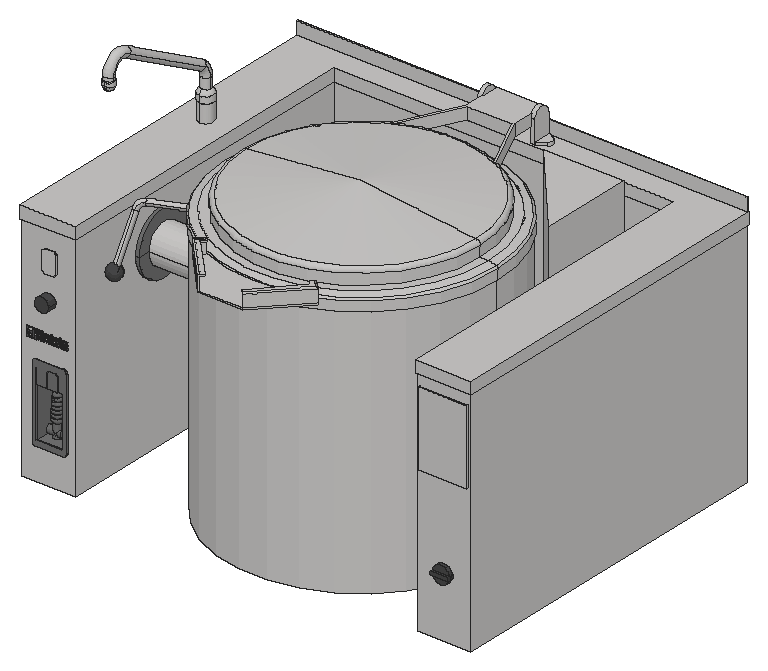
Revit family "QF_ELECTROLUXPROFESSIONAL_586945_PBOT15GQCS", category Specialty Equipment, Revit 2018 (continued)
Automatic sketch dimensions
  Extrusion 25 sketch curve to Extrusion 25 sketch curve = 1.752 mm
  Extrusion 25 sketch curve to Extrusion 25 sketch curve = 0.182 mm  (x2)
  Extrusion 25 sketch curve to Extrusion 25 sketch curve = 0.93 mm
  Extrusion 25 sketch curve to Extrusion 25 sketch curve = 0.155 mm  (x2)
  Extrusion 25 sketch curve to Extrusion 25 sketch curve = 0.996 mm
  Extrusion 25 sketch curve to Extrusion 25 sketch curve = 0.297 mm  (x2)
  Extrusion 25 sketch curve to Extrusion 25 sketch curve = 2.359 mm
  Extrusion 25 sketch curve to Extrusion 25 sketch curve = 0.839 mm
  Extrusion 25 sketch curve to Extrusion 25 sketch curve = 0.892 mm  (x2)
  Extrusion 25 sketch curve to Extrusion 25 sketch curve = 0.563 mm
  Extrusion 25 sketch curve to Extrusion 25 sketch curve = 1.037 mm
  Extrusion 25 sketch curve to Extrusion 25 sketch curve = 0.531 mm  (x2)
  Extrusion 25 sketch curve to Extrusion 25 sketch curve = 0.068 mm  (x2)
  Extrusion 25 sketch curve to Extrusion 25 sketch curve = 0.203 mm
  Extrusion 25 sketch curve to Extrusion 25 sketch curve = 0.107 mm  (x2)
  Extrusion 25 sketch curve to Extrusion 25 sketch curve = 1.305 mm
  Extrusion 25 sketch curve to Extrusion 25 sketch curve = 1.058 mm
  Extrusion 25 sketch curve to Extrusion 25 sketch curve = 0.365 mm
  Extrusion 25 sketch curve to Extrusion 25 sketch curve = 0.15 mm  (x2)
  Extrusion 25 sketch curve to Extrusion 25 sketch curve = 0.475 mm
  Extrusion 25 sketch curve to Extrusion 25 sketch curve = 0.292 mm
  Extrusion 25 sketch curve to Extrusion 25 sketch curve = 0.434 mm  (x2)
  Extrusion 25 sketch curve to Extrusion 25 sketch curve = 0.385 mm  (x2)
  Extrusion 25 sketch curve to Extrusion 25 sketch curve = 2.117 mm
  Extrusion 25 sketch curve to Extrusion 25 sketch curve = 0.295 mm  (x2)
  Extrusion 25 sketch curve to Extrusion 25 sketch curve = 0.968 mm
  Extrusion 25 sketch curve to Extrusion 25 sketch curve = 3.826 mm
  Extrusion 25 sketch curve to Extrusion 25 sketch curve = 1.018 mm  (x2)
  Extrusion 25 sketch curve to Extrusion 25 sketch curve = 4.718 mm
  Extrusion 25 sketch curve to Extrusion 25 sketch curve = 2.967 mm
  Extrusion 25 sketch curve to Extrusion 25 sketch curve = 1.662 mm
  Extrusion 25 sketch curve to Extrusion 25 sketch curve = 1.626 mm  (x3)
  Extrusion 25 sketch curve to Extrusion 25 sketch curve = 1.65 mm
  Extrusion 25 sketch curve to Extrusion 25 sketch curve = 1.192 mm
  Extrusion 25 sketch curve to Extrusion 25 sketch curve = 2.57 mm  (x2)
  Extrusion 25 sketch curve to Extrusion 25 sketch curve = 3.444 mm  (x2)
  Extrusion 25 sketch curve to Extrusion 25 sketch curve = 1.343 mm  (x2)
  Extrusion 25 sketch curve to Extrusion 25 sketch curve = 1.353 mm  (x2)
  Extrusion 25 sketch curve to Extrusion 25 sketch curve = 0.027 mm  (x2)
  Extrusion 25 sketch curve to Extrusion 25 sketch curve = 0.395 mm  (x2)
  Extrusion 25 sketch curve to Extrusion 25 sketch curve = 0.329 mm  (x2)
  Extrusion 25 sketch curve to Extrusion 25 sketch curve = 0.425 mm  (x2)
  Extrusion 25 sketch curve to Extrusion 25 sketch curve = 0.051 mm  (x2)
  Extrusion 25 sketch curve to Extrusion 25 sketch curve = 0.495 mm  (x2)
  Extrusion 25 sketch curve to Extrusion 25 sketch curve = 0.267 mm  (x2)
  Extrusion 25 sketch curve to Extrusion 25 sketch curve = 1.4 mm
  Extrusion 25 sketch curve to Extrusion 25 sketch curve = 5.233 mm
  Extrusion 25 sketch curve to Extrusion 25 sketch curve = 2.062 mm
  plane 3 "LEFT" to Extrusion 26 sketch curve = 43.4 mm
  Extrusion 26 sketch curve to Extrusion 26 sketch curve = 82 mm
  plane 7 to Extrusion 26 sketch curve = 105.944 mm
  Extrusion 26 sketch curve to Extrusion 26 sketch curve = 195 mm
  Extrusion 27 sketch curve to plane 6 "TOP" = 0 mm
  Extrusion 27 sketch curve to plane 1 "BACK" = 0 mm
  Extrusion 27 sketch curve to Extrusion 27 sketch curve = 2 mm
  Extrusion 27 sketch curve to Extrusion 27 sketch curve = 37.998 mm
  curve 47 to curve 17 = 2 mm
  Extrusion 21 sketch curve to Extrusion 21 sketch curve = 0 mm
  radius of Extrusion 4 sketch curve = 10 mm
  radius of Extrusion 16 sketch curve = 25 mm
  radius of curve 38 = 25 mm
  radius of Extrusion 18 sketch curve = 20 mm
  radius of Extrusion 21 sketch curve = 6.35 mm  (x2)
  radius of Extrusion 21 sketch curve = 12.7 mm
  radius of Extrusion 25 sketch curve = 2.453 mm
  radius of Extrusion 25 sketch curve = 1.557 mm
  radius of Extrusion 25 sketch curve = 1.468 mm
  radius of Extrusion 25 sketch curve = 2.451 mm
Nested families
  nested 1: "Electrolux_Handle" at (340.415, -646.592, 23.642) x (0.9205, 0.3907, 0) z (0, 0, 1), type "Family1"
  nested 2: "QF_ELECTROLUXPROFESSIONAL_RubSprint" at (80, -230.346, 900), type "QF_ELECTROLUXPROFESSIONAL_RubSprint"
  nested 3: "QF_ELECTROLUXPROFESSIONAL_SprayGun" at (80.4, -737, 291.944), type "QF_ELECTROLUXPROFESSIONAL_SprayGun"
Connectors
  electrical at (1220, 200, 450), driven by "Volts"
    settings: on Extrusion 4, index 1, voltage 230 V, apparent load 300 VA, apparent load phase1 0 VA, apparent load phase2 0 VA, apparent load phase3 0 VA, power factor 1, load classification "Other", number of poles 1, system type 30, power factor state 1, is connector primary yes, connector utility no, sub classification motor no, connector description "Electrical Connection"
  piping at (110.571, 200, 395), diameter 12.7
    settings: on Extrusion 21, index 2, connector inside diameter 1/2", connector length 0 mm, flow factor 0, pipe flow 0 GPM, pressure drop 0.00 psi, fitting loss kfactor 0, connector angle 0.00°, fixture units 0, engagement length 0 mm, angle of deflection 0.00°, flow configuration 1, flow direction 1, fitting loss method 0, system type 20, joint type 0, gender type 0, connector reference index -1, connector utility 0, adjustable connector no, is connector primary yes, connector description "Cold Water Inlet"
  piping at (50, 200, 395), diameter 12.7
    settings: on Extrusion 21, index 3, connector inside diameter 1/2", connector length 0 mm, flow factor 0, pipe flow 0 GPM, pressure drop 0.00 psi, fitting loss kfactor 0, connector angle 0.00°, fixture units 0, engagement length 0 mm, angle of deflection 0.00°, flow configuration 1, flow direction 1, fitting loss method 0, system type 19, joint type 0, gender type 0, connector reference index -1, connector utility 0, adjustable connector no, is connector primary no, connector description "Hot Water Inlet"
  piping at (80.571, 200, 345), diameter 25.4
    settings: on Extrusion 21, index 4, connector inside diameter 1", connector length 0 mm, flow factor 0, pipe flow 0 GPM, pressure drop 0.00 psi, fitting loss kfactor 0, connector angle 0.00°, fixture units 0, engagement length 0 mm, angle of deflection 0.00°, flow configuration 1, flow direction 1, fitting loss method 0, system type 7, joint type 0, gender type 0, connector reference index -1, connector utility 0, adjustable connector no, is connector primary no, connector description "Gas Connection"
Definition of nested family "Electrolux_Handle"
  Parameters
    Assembly Code = ""
  Reference planes
    plane 1 "Center (Front/Back)": y = 0
    plane 2: z = 0
    plane 3 "Center (Left/Right)": x = 0
  Forms (mm)
    Sweep 1, solid
      path origin (0, -272.67, 40.751) x (1, 0, 0) y (0, 0.292372, 0.956305)
        loop
          line (16.511, 924.614) -> (-78.489, 924.614)
          arc (-78.489, 924.614) -> (-94.127, 919.229) -> (-103.135, 905.359) r 25.4
          line (-103.135, 905.359) -> (-140.724, 754.597)
      profile origin (-30.989, -2.339, 924.963) x (0, -0.292372, -0.956305) y (0, -0.956305, 0.292372)
        loop
          circle (0, 0) r 8
    Revolve 2, solid
      sketch origin (0, -272.67, 40.751) x (1, 0, 0) y (0, 0.292372, 0.956305)
        loop
          arc (-160.764, 759.594) -> (-145.72, 734.557) -> (-120.683, 749.601) r 20.654
          line (-120.683, 749.601) -> (-160.764, 759.594)
        axis (-120.683, 749.601) -> (-160.764, 759.594)
      angle from 0 to 360
  Lines and regions (mm)
    symbolic lines
      curve 1: line (16.511, 5.661, 0) -> (-87.322, 5.661, 0)
      curve 2: line (16.511, -9.989, 0) -> (-86.193, -9.989, 0)
      curve 3: line (-133.697, -56.773, 0) -> (-97.513, -15.149, 0)
      curve 4: line (-146.568, -45.584, 0) -> (-111.666, -5.433, 0)
      curve 5: arc (-135.59, -32.955, 0) -> (-154.333, -67.194, 0) -> (-122.78, -44.215, 0) r 20
      curve 6: arc (-146.568, -45.584, 0) -> (-145.727, -57.614, 0) -> (-133.697, -56.773, 0) r 8.527
      curve 7: arc (-87.322, 5.661, 0) -> (-100.698, 2.757, 0) -> (-111.666, -5.433, 0) r 32.256
      curve 8: arc (-86.193, -9.989, 0) -> (-92.413, -11.34, 0) -> (-97.513, -15.149, 0) r 15
  Dimensions and locks
    aligned and locked: level to plane 2
    aligned and locked: Revolve 2 sketch curve to Sweep 1  (x2)
    aligned and locked: curve 1 to Sweep 1
    aligned and locked: Sweep 1 to curve 2
Definition of nested family "QF_ELECTROLUXPROFESSIONAL_RubSprint"
  Reference planes
    plane 1 "Center (Front/Back)": y = 0
    plane 2: z = 0
    plane 3 "Center (Left/Right)": x = 0
  Forms (mm)
    Revolve 1, solid
      sketch origin (0, 0, 0) x (0, 1, 0) y (0, 0, 1)
        loop
          line (-21, 0) -> (0, 0) -> (0, 82.75) -> (-14.385, 82.75)
          arc (-14.385, 82.75) -> (-19.409, 76.68) -> (-22.385, 69.383) r 26
          line (-22.385, 69.383) -> (-22.385, 51.306) -> (-21, 50.388) -> (-21, 0)
        axis (0, 82.75) -> (0, 0)
      angle from 0 to 360
    Sweep 2, solid
      path origin (0, 0, 0) x (0, 1, 0) y (0, 0, 1)
        loop
          line (0, 82.75) -> (0, 113.75)
          arc (0, 113.75) -> (-5.44, 133.889) -> (-20.279, 148.551) r 40
          line (-20.279, 148.551) -> (-290.279, 301.55)
          arc (-290.279, 301.55) -> (-330.139, 301.31) -> (-349.999, 266.749) r 40
          line (-349.999, 266.749) -> (-349.999, 257.884)
      profile origin (0, 0, 98.25) x (0, -1, 0) y (1, 0, 0)
        loop
          circle (0, 0) r 13.5
    Revolve 3, solid
      sketch origin (0, 0, 0) x (0, 1, 0) y (0, 0, 1)
        loop
          line (-333.717, 244.264) -> (-333.717, 254.236)
          arc (-333.717, 254.236) -> (-334.434, 255.758) -> (-335.779, 256.77) r 3.5
          line (-335.779, 256.77) -> (-336.499, 257.884) -> (-349.999, 257.884) -> (-349.999, 233.05) -> (-339.2, 233.05)
          arc (-339.2, 233.05) -> (-338.052, 233.411) -> (-337.32, 234.365) r 2
          line (-337.32, 234.365) -> (-333.717, 244.264)
        axis (-349.999, 257.884) -> (-349.999, 233.05)
      angle from 0 to 360
  Lines and regions (mm)
    symbolic lines
      curve 1: arc (-13.5, -17.856, 0) -> (0, 22.385, 0) -> (13.5, -17.856, 0) r 22.385
      curve 2: arc (-13.5, 0, 0) -> (0, 13.5, 0) -> (13.5, 0, 0) r 13.5
      curve 3: arc (-13.5, -349.999, 0) -> (0, -363.499, 0) -> (13.5, -349.999, 0) r 13.5
      curve 4: arc (-13.5, -340.897, 0) -> (0, -366.281, 0) -> (13.5, -340.897, 0) r 16.282
      curve 5: line (13.5, -349.999, 0) -> (13.5, 0, 0)
      curve 6: line (-13.5, -349.999, 0) -> (-13.5, 0, 0)
  Dimensions and locks
    aligned and locked: level to plane 2
Definition of nested family "QF_ELECTROLUXPROFESSIONAL_SprayGun"
  Reference planes
    plane 1 "Center (Front/Back)": y = 0
    plane 2: z = 0
    plane 3 "SGy": x = 13
    plane 4 "AxeZ": y = -45
    plane 5 "Center (Left/Right)": x = 4
    plane 6 "Center (Top/Right)": z = 112.5
  Forms (mm)
    Revolve 1, solid
      sketch origin (0, -45, 0) x (0, 0, 1) y (-1, 0, 0)
        loop
          line (73.98, -1.423) -> (33.98, -1.423) -> (33.98, -13) -> (151.7, -13) -> (151.7, -4.362)
          arc (151.7, -4.362) -> (147.093, -1.396) -> (141.64, -1.926) r 8.345
          arc (141.64, -1.926) -> (140.226, -2.024) -> (139.103, -1.16) r 2
          arc (139.103, -1.16) -> (138.832, -0.814) -> (138.493, -0.536) r 2
          arc (138.493, -0.536) -> (134.77, 0.557) -> (131.061, -0.581) r 6.745
          arc (131.061, -0.581) -> (129.812, -0.914) -> (128.62, -0.414) r 2
          arc (128.62, -0.414) -> (124.347, 1.338) -> (119.917, 0.035) r 6.972
          arc (119.917, 0.035) -> (118.79, -0.341) -> (117.648, -0.011) r 2
          arc (117.648, -0.011) -> (113.81, 1.188) -> (109.921, 0.166) r 7.275
          arc (109.921, 0.166) -> (108.725, -0.109) -> (107.594, 0.367) r 2
          arc (107.594, 0.367) -> (103.55, 1.928) -> (99.427, 0.587) r 6.475
          arc (99.427, 0.587) -> (98.262, 0.173) -> (97.076, 0.524) r 2
          arc (97.076, 0.524) -> (92.711, 1.941) -> (88.277, 0.758) r 8.094
          arc (88.277, 0.758) -> (87.212, 0.464) -> (86.153, 0.781) r 2
          arc (86.153, 0.781) -> (79.633, 2.075) -> (73.98, -1.423) r 9.075
        axis (151.7, -13) -> (33.98, -13)
      angle from 0 to 360
    Revolve 2, solid
      sketch origin (0, -45, 0) x (0, 0, 1) y (-1, 0, 0)
        loop
          line (47.58, 11.558) -> (40.98, 11.558) -> (40.98, 9.577) -> (35.98, 9.577) -> (35.98, -30.423) -> (40.98, -30.423) -> (40.98, -35.423) -> (47.58, -35.423) -> (47.58, 11.558)
        axis (47.58, 11.558) -> (47.58, -35.423)
      angle from 0 to 360
    Extrusion 3, solid
      sketch origin (0, -45, 0) x (1, 0, 0) y (0, 1, 0)
        loop
          line (21.638, 0) -> (17.319, 7.481) -> (8.681, 7.481) -> (4.362, 0) -> (8.681, -7.481) -> (17.319, -7.481) -> (21.638, 0)
      from 151.7 to 160.974
    Extrusion 4, solid
      sketch origin (0, 0, 0) x (1, 0, 0) y (0, 0, 1)
        loop
          arc (-45, 10) -> (-42.071, 2.929) -> (-35, 0) r 10
          line (-35, 0) -> (43, 0)
          arc (43, 0) -> (50.071, 2.929) -> (53, 10) r 10
          line (53, 10) -> (53, 215)
          arc (53, 215) -> (50.071, 222.071) -> (43, 225) r 10
          line (43, 225) -> (-35, 225)
          arc (-35, 225) -> (-42.071, 222.071) -> (-45, 215) r 10
          line (-45, 215) -> (-45, 10)
        loop
          line (-35, 162) -> (-35, 16) -> (43, 16) -> (43, 162) -> (29, 162) -> (29, 199)
          arc (29, 199) -> (26.657, 204.657) -> (21, 207) r 8
          line (21, 207) -> (5, 207)
          arc (5, 207) -> (-0.657, 204.657) -> (-3, 199) r 8
          line (-3, 199) -> (-3, 162) -> (-35, 162)
      from 63 to 60
    Extrusion 5, solid
      sketch origin (0, 0, 0) x (1, 0, 0) y (0, 0, 1)
        loop
          line (-35, 16) -> (43, 16) -> (43, 162) -> (29, 162) -> (29, 199)
          arc (29, 199) -> (26.657, 204.657) -> (21, 207) r 8
          line (21, 207) -> (5, 207)
          arc (5, 207) -> (-0.657, 204.657) -> (-3, 199) r 8
          line (-3, 199) -> (-3, 162) -> (-35, 162) -> (-35, 16)
        loop
          line (31, 164) -> (31, 199)
          arc (31, 199) -> (28.071, 206.071) -> (21, 209) r 10
          line (21, 209) -> (5, 209)
          arc (5, 209) -> (-2.071, 206.071) -> (-5, 199) r 10
          line (-5, 199) -> (-5, 164) -> (-37, 164) -> (-37, 14) -> (45, 14) -> (45, 164) -> (31, 164)
      from 0 to 60
    Extrusion 6, solid
      sketch origin (0, 0, 0) x (1, 0, 0) y (0, 0, 1)
        loop
          line (-37, 164) -> (-37, 14) -> (45, 14) -> (45, 164) -> (-37, 164)
      from 6 to 0
    Extrusion 7, solid
      sketch origin (0, 0, 0) x (1, 0, 0) y (0, 0, 1)
        loop
          line (28, 160.974) -> (28, 198)
          arc (28, 198) -> (25.657, 203.657) -> (20, 206) r 8
          line (20, 206) -> (6, 206)
          arc (6, 206) -> (0.343, 203.657) -> (-2, 198) r 8
          line (-2, 198) -> (-2, 160.974) -> (28, 160.974)
      from 0 to 63
  Dimensions and locks
    equal spacing: Extrusion 4, plane 5 "Center (Left/Right)", Extrusion 4
    Extrusion 4 to Extrusion 4 = 225 mm
    Extrusion 4 to Extrusion 4 = 98 mm
    aligned and locked: level to plane 2
  Automatic sketch dimensions
    plane 3 "SGy" to Revolve 1 sketch curve = 0 mm  (x2)
    plane 5 "Center (Left/Right)" to Revolve 1 sketch curve = 2.577 mm
    level to Revolve 1 sketch curve = 33.98 mm
    Revolve 1 sketch curve to Revolve 1 sketch curve = 40 mm
    Revolve 1 sketch curve to plane 5 "Center (Left/Right)" = 2.854 mm
    Revolve 1 sketch curve to Revolve 1 sketch curve = 7.27 mm
    Revolve 1 sketch curve to Revolve 1 sketch curve = 5.984 mm
    Revolve 1 sketch curve to plane 5 "Center (Left/Right)" = 2.15 mm
    Revolve 1 sketch curve to Revolve 1 sketch curve = 5.262 mm
    Revolve 1 sketch curve to Revolve 1 sketch curve = 5.712 mm
    Revolve 1 sketch curve to plane 5 "Center (Left/Right)" = 0.545 mm
    Revolve 1 sketch curve to Revolve 1 sketch curve = 5.167 mm
    Revolve 1 sketch curve to Revolve 1 sketch curve = 5.522 mm
    Revolve 1 sketch curve to plane 5 "Center (Left/Right)" = 2.085 mm
    Revolve 1 sketch curve to Revolve 1 sketch curve = 4.746 mm
    Revolve 1 sketch curve to Revolve 1 sketch curve = 5.106 mm
    Revolve 1 sketch curve to plane 5 "Center (Left/Right)" = 1.624 mm
    Revolve 1 sketch curve to Revolve 1 sketch curve = 5.239 mm
    Revolve 1 sketch curve to Revolve 1 sketch curve = 5.96 mm
    Revolve 1 sketch curve to plane 5 "Center (Left/Right)" = 2.187 mm
    Revolve 1 sketch curve to Revolve 1 sketch curve = 4.862 mm
    plane 5 "Center (Left/Right)" to Revolve 1 sketch curve = 1.788 mm
    Revolve 1 sketch curve to Revolve 1 sketch curve = 2.59 mm
    Revolve 1 sketch curve to Revolve 1 sketch curve = 3.403 mm
    plane 3 "SGy" to Revolve 1 sketch curve = 3.493 mm
    Revolve 1 sketch curve to Revolve 1 sketch curve = 4.325 mm
    Revolve 1 sketch curve to Revolve 1 sketch curve = 6.57 mm
    Revolve 1 sketch curve to plane 5 "Center (Left/Right)" = 0.362 mm
    plane 5 "Center (Left/Right)" to Revolve 1 sketch curve = 3.891 mm
    plane 5 "Center (Left/Right)" to Revolve 1 sketch curve = 5.081 mm
    plane 5 "Center (Left/Right)" to Revolve 1 sketch curve = 5.658 mm
    plane 5 "Center (Left/Right)" to Revolve 1 sketch curve = 5.884 mm
    plane 5 "Center (Left/Right)" to Revolve 1 sketch curve = 6.173 mm
    plane 5 "Center (Left/Right)" to Revolve 1 sketch curve = 6.464 mm
    Revolve 1 sketch curve to Revolve 1 sketch curve = 7.72 mm
    Revolve 1 sketch curve to Revolve 1 sketch curve = 0 mm  (x12)
    Revolve 1 sketch curve to Revolve 1 sketch curve = 1.57 mm
    Revolve 2 sketch curve to plane 3 "SGy" = 17.423 mm
    level to Revolve 2 sketch curve = 35.98 mm
    Revolve 2 sketch curve to Revolve 2 sketch curve = 5 mm  (x3)
    Revolve 2 sketch curve to Revolve 2 sketch curve = 6.6 mm
    plane 5 "Center (Left/Right)" to Revolve 2 sketch curve = 13.577 mm
    Revolve 2 sketch curve to Revolve 2 sketch curve = 1.981 mm
    Revolve 2 sketch curve to Revolve 2 sketch curve = 0 mm  (x2)
    Revolve 2 sketch curve to Revolve 2 sketch curve = 4.326 mm
    plane 4 "AxeZ" to Extrusion 3 sketch curve = 0 mm  (x2)
    Extrusion 3 sketch curve to plane 5 "Center (Left/Right)" = 0.362 mm
    plane 3 "SGy" to Extrusion 3 sketch curve = 4.319 mm  (x2)
    Extrusion 3 sketch curve to plane 3 "SGy" = 4.319 mm  (x2)
    Extrusion 3 sketch curve to Extrusion 3 sketch curve = 4.319 mm
    plane 4 "AxeZ" to Extrusion 3 sketch curve = 7.481 mm
    Extrusion 3 sketch curve to plane 4 "AxeZ" = 7.481 mm
    Extrusion 4 sketch curve to level = 0 mm
    level to Extrusion 4 sketch curve = 10 mm
    plane 5 "Center (Left/Right)" to Extrusion 4 sketch curve = 49 mm
    Extrusion 4 sketch curve to Extrusion 4 sketch curve = 10 mm  (x2)
    Extrusion 4 sketch curve to Extrusion 4 sketch curve = 0 mm  (x3)
    plane 5 "Center (Left/Right)" to Extrusion 4 sketch curve = 7 mm
    Extrusion 4 sketch curve to plane 5 "Center (Left/Right)" = 1 mm
    Extrusion 4 sketch curve to plane 3 "SGy" = 8 mm
    Extrusion 4 sketch curve to plane 3 "SGy" = 16 mm
    Extrusion 4 sketch curve to Extrusion 4 sketch curve = 14 mm  (x2)
    Extrusion 4 sketch curve to Extrusion 4 sketch curve = 6 mm
    Extrusion 4 sketch curve to Extrusion 4 sketch curve = 146 mm
    Extrusion 4 sketch curve to Extrusion 4 sketch curve = 37 mm
    Extrusion 4 sketch curve to Extrusion 4 sketch curve = 16 mm
    Extrusion 5 sketch curve to Extrusion 5 sketch curve = 0 mm  (x5)
    level to Extrusion 5 sketch curve = 14 mm
    plane 5 "Center (Left/Right)" to Extrusion 5 sketch curve = 41 mm
    Extrusion 5 sketch curve to Extrusion 5 sketch curve = 2 mm  (x6)
    plane 5 "Center (Left/Right)" to Extrusion 5 sketch curve = 9 mm
    Extrusion 5 sketch curve to plane 5 "Center (Left/Right)" = 1 mm
    Extrusion 5 sketch curve to plane 3 "SGy" = 8 mm
    Extrusion 5 sketch curve to Extrusion 5 sketch curve = 8 mm
    Extrusion 5 sketch curve to plane 3 "SGy" = 30 mm
    Extrusion 5 sketch curve to Extrusion 5 sketch curve = 146 mm
    Extrusion 5 sketch curve to Extrusion 5 sketch curve = 35 mm
    level to Extrusion 6 sketch curve = 14 mm
    plane 5 "Center (Left/Right)" to Extrusion 6 sketch curve = 41 mm
    Extrusion 6 sketch curve to plane 3 "SGy" = 32 mm
    Extrusion 6 sketch curve to Extrusion 6 sketch curve = 150 mm
    plane 5 "Center (Left/Right)" to Extrusion 7 sketch curve = 6 mm
    Extrusion 7 sketch curve to plane 5 "Center (Left/Right)" = 2 mm
    Extrusion 7 sketch curve to plane 3 "SGy" = 7 mm
    Extrusion 7 sketch curve to plane 3 "SGy" = 15 mm
    level to Extrusion 7 sketch curve = 160.974 mm
    Extrusion 7 sketch curve to Extrusion 7 sketch curve = 37.026 mm
